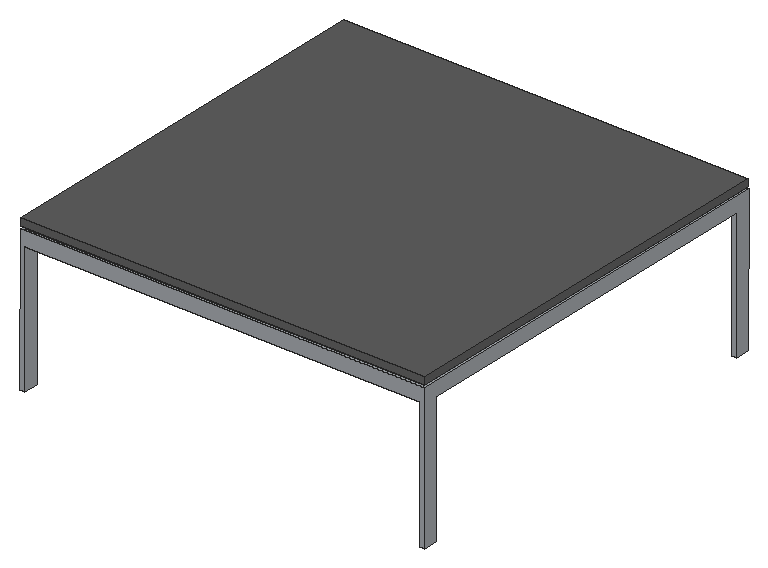
Revit family
Parameters
  URL = "http://www.martinbrattrud.com"
  Table Top [instance] = none
  SCS Certified Product = "Yes"
  Model = "Lundin 1006-42SL"
  Manufacturer = "Martin Brattrud, Inc."
  Leg [instance] = none
  Keynote = "125000"
  Copyright = "© 2013 Martin Brattrud, Inc."
  Authoring Version = "Revit Architecture 2010"
  Assembly Code = "E2020200"
Reference planes (in)
  plane 1 "Center Front/Back": y = 0
  plane 2: z = 0
  plane 3 "Center Left/Right": x = 0
  plane 4: x = -21
  plane 5: x = 21
  plane 6: y = 21
  plane 7: y = -21
  plane 8: y = 20.6875
  plane 9: y = -20.6875
  plane 10: x = -20.6875
  plane 11: x = 20.6875
  plane 12: z = 0
  plane 13: z = 16
  plane 14: x = -21
  plane 15: x = 21
  plane 16: y = 21
Forms (in)
  Extrusion 1, solid, material <- "Leg"
    sketch origin (-9, 0, 0) x (0, 1, 0) y (0, 0, -1)
      loop
        line (21, 0) -> (19.5, 0) -> (19.5, -13.5) -> (-19.5, -13.5) -> (-19.5, 0) -> (-21, 0) -> (-21, -15) -> (21, -15) -> (21, 0)
    from 11.5 to 12
  Extrusion 2, solid, material <- "Leg"
    sketch origin (0, 0, -4) x (0, 1, 0) y (0, 0, 1)
      loop
        line (21, 19) -> (20.5, 19) -> (20.5, 17.5) -> (21, 17.5) -> (21, 19)
      loop
        line (-21, 19) -> (-21, 17.5) -> (-20.5, 17.5) -> (-20.5, 19) -> (-21, 19)
    from -21 to 21
  Extrusion 3, solid, material <- "Leg"
    sketch origin (9, 0, 0) x (0, 1, 0) y (0, 0, 1)
      loop
        line (21, 0) -> (21, 15) -> (-21, 15) -> (-21, 0) -> (-19.5, 0) -> (-19.5, 13.5) -> (19.5, 13.5) -> (19.5, 0) -> (21, 0)
    from 11.5 to 12
  Extrusion 4, solid, material <- "Table Top"
    sketch origin (0, 0, -4) x (1, 0, 0) y (0, 1, 0)
      loop
        line (20.6875, 20.6875) -> (-20.6875, 20.6875) -> (-20.6875, -20.6875) -> (20.6875, -20.6875) -> (20.6875, 20.6875)
    from 18.5217 to 19.25
  Extrusion 5, solid, material <- "Table Top"
    sketch origin (0, 0, -4) x (1, 0, 0) y (0, 1, 0)
      loop
        line (21, 21) -> (-21, 21) -> (-21, -21) -> (21, -21) -> (21, 21)
    from 19.25 to 20
Cuts and joins
  joined: Extrusion 1, Extrusion 2, Extrusion 3
